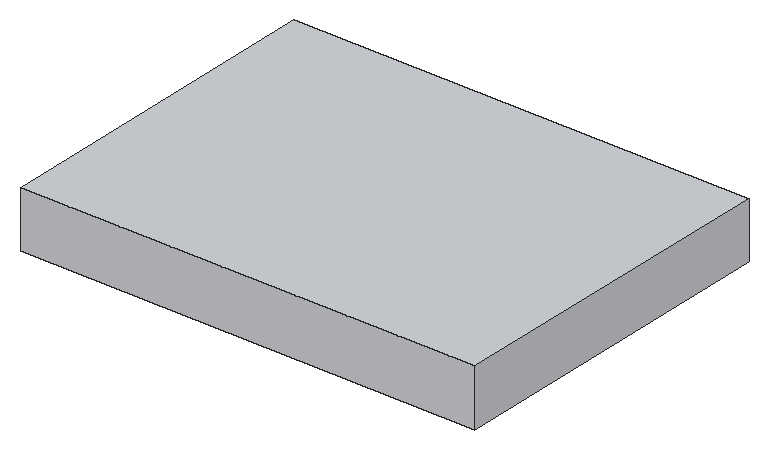
Revit family "電線管用ファミリ(片側のみ)_36", category Electrical Fixtures, Revit 2021
Family settings
  Maintain Annotation Orientation = No
  Round Connector Dimension = Use Diameter
  Part Type = Normal
  OmniClass Number = 23.80.00.00
  OmniClass Title = Electric Power and Lighting
  Work Plane-Based = No
  Always vertical = Yes
  Cut with Voids When Loaded = No
  Shared = No
  Room Calculation Point = No
Parameters
  コネクタ直径 [instance] = 16 mm
  W [instance] = 400 mm
  Default Elevation = 0 mm
  D [instance] = 300 mm
Reference planes
  plane 1 "Center (Front/Back)": y = 0
  plane 2: z = 0
  plane 3 "Center (Left/Right)": x = 0
  plane 4: x = -200
  plane 5: x = 200
  plane 6: y = 150
  plane 7: y = -150
  plane 8: z = 50
Forms (mm)
  Extrusion 1, solid
    sketch origin (0, 0, 0) x (1, 0, 0) y (0, 1, 0)
      loop
        line (-200, 150) -> (-200, -150) -> (200, -150) -> (200, 150) -> (-200, 150)
    from 0 to 50
Dimensions and locks
  equal spacing: plane 4, plane 3 "Center (Left/Right)", plane 5
  "W": plane 4 to plane 5
  equal spacing: plane 6, plane 1 "Center (Front/Back)", plane 7
  "D": plane 6 to plane 7
  aligned and locked: level to plane 2
  aligned and locked: plane 8 to Extrusion 1
Automatic sketch dimensions
  Extrusion 1 sketch curve to plane 4 = 0 mm
  Extrusion 1 sketch curve to plane 5 = 0 mm
  Extrusion 1 sketch curve to plane 7 = 0 mm
  Extrusion 1 sketch curve to plane 6 = 0 mm
Connectors
  cabletrayconduit at (0, 0, 50), diameter 16
    settings: on Extrusion 1, index 1, connector width 300 mm, connector height 300 mm, connector angle 0.00°, system type 32, placement type 0, profile type 0, connector reference index -1, is primary connector yes, connector utility param no, connector description ""
